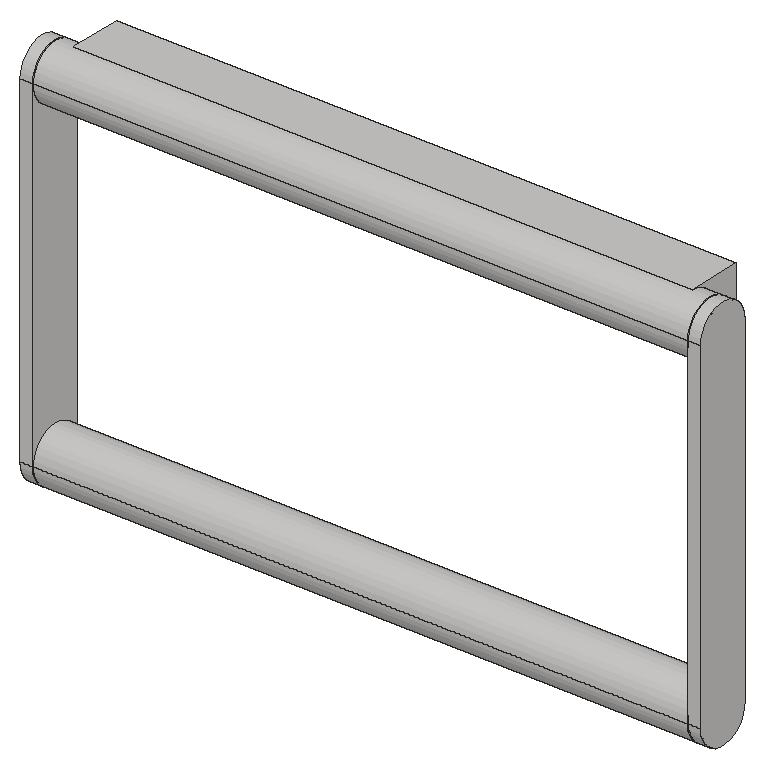
Revit family "KEUCO_14921010000", category Sonderausstattung, Revit 2016
Family settings
  Teiletyp = Normal
  Bemaßung runder Anschluss = Durchmesser verwenden
  Arbeitsebenenbasiert = Nein
  Immer vertikal = Ja
  Beim Laden mit Abzugskörper schneiden = Nein
  Gemeinsam genutzt = Nein
  Raumberechnungspunkt = Nein
Parameters (values of type "14921010000")
  Verwendung = "GWC / WC"  # constant formula
  Preisgruppe = "1"  # constant formula
  Kategorie = "ACC"  # constant formula
  Gewicht = 382
  Breite = 226 mm
  URL = "https://www.keuco.com/de/produkte/sortiment/artikel/?pid=14921&oid=1&pgo=8&country=de&lang=de&vid=14921010000"
  Serie = "Plan"  # constant formula
  Material Papierhalter [instance] = Edelstahl
  Materialien bei Hersteller anfragen = "Anfrage zu:  objektmanagement@keuco.de"
  Hersteller = "KEUCO"  # constant formula
  Beschreibung = "--"
  Ausschreibungstext = "KEUCO PLAN Handtuchring 14921010000\r\nHochglanzverchromter Handtuchring \r\nin ästhetischem, funktionalem Design, \r\ngeschlossene, rechteckige Form\r\nRing schwenkbar, antistatisch, leicht zu reinigen\r\nBreite 226 mm, Höhe 132 mm\r\nDer Handtuchring wird verdeckt angebracht\r\nLieferung inkl. korrosionsfreiem Befestigungsmaterial"
  Artikelnummer = "14921010000"
Types (4, lengths in mm): name | URL | Material Papierhalter | Materialien bei Hersteller anfragen | Ausschreibungstext | Artikelnummer
  (no name) | "https://www.keuco.com" | Verchromt | "Request to:  objektmanagement@keuco.de" | "" | "14921010000"
  14921010000 | "https://www.keuco.com/de/produkte/sortiment/artikel/?pid=14921&oid=1&pgo=8&country=de&lang=de&vid=14921010000" | Edelstahl | "Anfrage zu:  objektmanagement@keuco.de" | "KEUCO PLAN Handtuchring 14921010000\r\nHochglanzverchromter Handtuchring \r\nin ästhetischem, funktionalem Design, \r\ngeschlossene, rechteckige Form\r\nRing schwenkbar, antistatisch, leicht zu reinigen\r\nBreite 226 mm, Höhe 132 mm\r\nDer Handtuchring wird verdeckt angebracht\r\nLieferung inkl. korrosionsfreiem Befestigungsmaterial" | "14921010000"
  14921070000 | "https://www.keuco.com/de/produkte/sortiment/artikel/?pid=14921&oid=1&pgo=8&country=de&lang=de&vid=14921070000" | Edelstahl | "Request to:  objektmanagement@keuco.de" | "KEUCO PLAN Handtuchring 14921070000\r\nHandtuchring aus hochwertigem Edelstahl \r\nin ästhetischem, funktionalem Design,\r\ngeschlossene, rechteckige Form\r\nRing schwenkbar, antistatisch, leicht zu reinigen\r\nBreite 226 mm, Höhe 132 mm\r\nDer Handtuchring wird verdeckt angebracht\r\nLieferung inkl. korrosionsfreiem Befestigungsmaterial" | "14921070000"
  14921170000 | "https://www.keuco.com/de/produkte/sortiment/artikel/?pid=14921&oid=1&pgo=8&country=de&lang=de&vid=14921170000" | Aluminium silber-eloxiert (E6 EV1) | "Request to:  objektmanagement@keuco.de" | "KEUCO PLAN Handtuchring 14921170000\r\nHandtuchhalter aus \r\nsilber-eloxiertem Aluminium (E6 EV1)/verchromt \r\nin ästhetischem, funktionalem Design\r\ngeschlossene, rechteckige Form\r\nRing schwenkbar, antistatisch, leicht zu reinigen\r\nDie Wandhalterung ist als Design-Element hochglanzverchromt\r\nBreite 226 mm, Höhe 132 mm\r\nDer Handtuchring wird verdeckt angebracht\r\nLieferung inkl. korrosionsfreiem Befestigungsmaterial" | "14921170000"
Reference planes
  plane 1 "Center (Front/Back)": y = 0
  plane 2: z = 0
  plane 3 "Center (Left/Right)": x = 0
  plane 4: y = -27.061
  plane 5: z = -132
  plane 6: x = -113
  plane 7: x = 113
  plane 8: z = -18.281
  plane 9: x = -102.773
  plane 10: x = 103
Forms (mm)
  Extrusion 1, solid, material "Edelstahl" <- "Material Papierhalter"
    sketch origin (0, 0, 0) x (0, 1, 0) y (0, 0, 1)
      loop
        line (0, -18.281) -> (0, 0) -> (-18.125, 0)
        arc (-18.125, 0) -> (-8.984, -9.141) -> (-18.125, -18.281) r 9.141
        line (-18.125, -18.281) -> (0, -18.281)
    from -102.773 to 103
  Extrusion 2, solid, material "Edelstahl" <- "Material Papierhalter"
    sketch origin (0, 0, 0) x (0, 1, 0) y (0, 0, 1)
      loop
        circle (-18.125, -9.141) r 9.141
    from -108.744 to 108.744
  Extrusion 3, solid, material "Edelstahl" <- "Material Papierhalter"
    sketch origin (0, 0, -86.858) x (0, 1, 0) y (0, 0, 1)
      loop
        circle (-18.125, -36.002) r 9.141
    from -108.744 to 108.744
  Extrusion 4, solid, material "Edelstahl" <- "Material Papierhalter"
    sketch origin (0, 0, 0) x (0, 1, 0) y (0, 0, 1)
      loop
        arc (-8.984, -9.141) -> (-18.125, 0) -> (-27.266, -9.141) r 9.141
        line (-27.266, -9.141) -> (-27.266, -122.859)
        arc (-27.266, -122.859) -> (-18.125, -132) -> (-8.984, -122.859) r 9.141
        line (-8.984, -122.859) -> (-8.984, -9.141)
    from -113 to -108.744
  Extrusion 5, solid, material "Edelstahl" <- "Material Papierhalter"
    sketch origin (1.25, 0, 0) x (0, 1, 0) y (0, 0, -1)
      loop
        line (-8.984, 9.141) -> (-8.984, 122.859)
        arc (-8.984, 122.859) -> (-18.125, 132) -> (-27.266, 122.859) r 9.141
        line (-27.266, 122.859) -> (-27.266, 9.141)
        arc (-27.266, 9.141) -> (-18.125, 0) -> (-8.984, 9.141) r 9.141
    from -111.75 to -107.494
Lines and regions (mm)
  symbolic lines
    curve 1: line (-102.773, 0, 0) -> (103, 0, 0)
    curve 2: line (103, 0, 0) -> (103, -8.984, 0)
    curve 3: line (-113, -8.984, 0) -> (113, -8.984, 0)
    curve 4: line (113, -8.984, 0) -> (113, -27.266, 0)
    curve 5: line (113, -27.266, 0) -> (-113, -27.266, 0)
    curve 6: line (-113, -27.266, 0) -> (-113, -8.984, 0)
    curve 7: line (-102.773, -8.984, 0) -> (-102.773, 0, 0)
Dimensions and locks
  locked: plane 4 to plane 1 "Center (Front/Back)" at 27.061
  plane 2 to plane 5 = 132 mm
  equal spacing: plane 6, plane 3 "Center (Left/Right)", plane 7
  "Breite": plane 6 to plane 7
  level to plane 8 = 18.281 mm
  locked: plane 7 to plane 10 at 10
  locked: plane 9 to plane 6 at 10.227
  locked: Extrusion 4 to Extrusion 4 at 4.256
  locked: Extrusion 5 to Extrusion 5 at 4.256
  locked: Extrusion 5 to Extrusion 1 at 10
  aligned and locked: level to plane 2
  aligned and locked: Extrusion 1 to plane 9
  aligned and locked: plane 10 to Extrusion 1
  aligned and locked: Extrusion 4 to plane 6
  aligned and locked: Extrusion 2 to Extrusion 4
  aligned and locked: Extrusion 2 to Extrusion 3
  aligned and locked: Extrusion 3 to Extrusion 4
  aligned and locked: plane 9 to Extrusion 1
  aligned and locked: Extrusion 1 to plane 10
  aligned and locked: Extrusion 3 to Extrusion 5
  aligned and locked: Extrusion 2 to Extrusion 5
Automatic sketch dimensions
  curve 3 to plane 6 = 0 mm
  curve 7 to plane 9 = 0 mm
  plane 1 "Center (Front/Back)" to curve 2 = 0 mm
  curve 2 to plane 10 = 0 mm
  curve 3 to plane 7 = 0 mm
  plane 1 "Center (Front/Back)" to curve 3 = 8.984 mm
  curve 5 to plane 4 = 0.205 mm
  Extrusion 1 sketch curve to plane 8 = 0 mm  (x2)
  Extrusion 1 sketch curve to level = 0 mm  (x2)
  Extrusion 1 sketch curve to plane 1 "Center (Front/Back)" = 0 mm
  plane 4 to Extrusion 1 sketch curve = 8.936 mm
  Extrusion 1 sketch curve to Extrusion 1 sketch curve = 0 mm  (x2)
  plane 4 to Extrusion 2 sketch curve = 8.936 mm
  Extrusion 2 sketch curve to level = 9.141 mm
  plane 4 to Extrusion 3 sketch curve = 8.936 mm
  plane 5 to Extrusion 3 sketch curve = 9.141 mm
  Extrusion 4 sketch curve to plane 4 = 0.205 mm
  plane 4 to Extrusion 4 sketch curve = 8.936 mm
  plane 5 to Extrusion 4 sketch curve = 9.141 mm
  Extrusion 4 sketch curve to level = 9.141 mm
  Extrusion 5 sketch curve to plane 4 = 0.205 mm
  plane 4 to Extrusion 5 sketch curve = 8.936 mm
  Extrusion 5 sketch curve to level = 9.141 mm
  plane 5 to Extrusion 5 sketch curve = 9.141 mm
  radius of Extrusion 2 sketch curve = 9.141 mm
  radius of Extrusion 3 sketch curve = 9.141 mm
